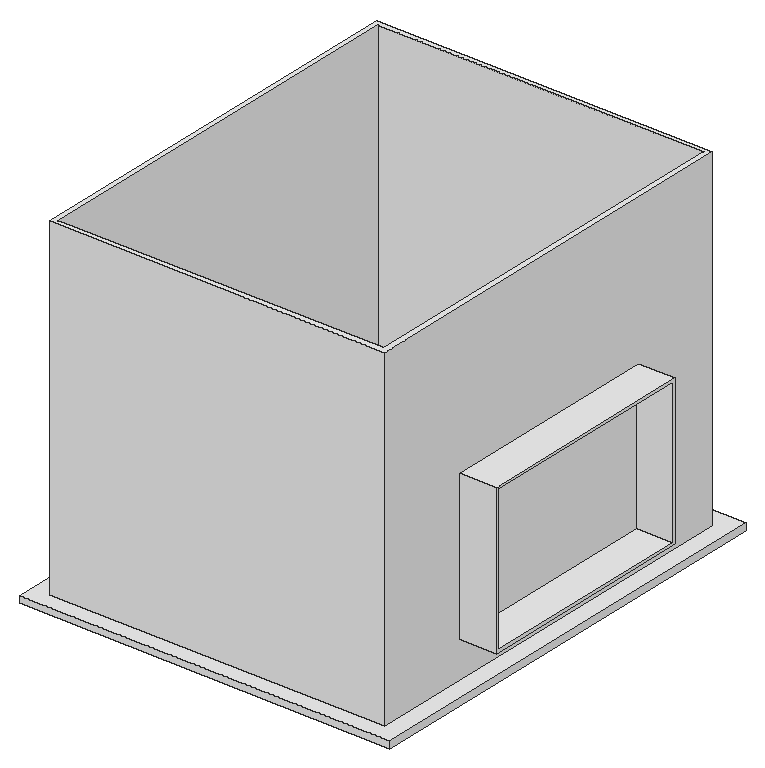
Revit family "Ceiling-Fan_VCDD-150C_Carnes", category Mechanical Equipment, host Ceiling, Revit 2012
Parameters
  ecoScorecard_data = ""
  ecoScorecard Product Page = "http://ecoscorecard.com/"
  Warranty URL = "http://www.carnes.com/GeneralCatalogs/termcond.pdf"
  Housing = Aluminum-Carnes-Spun-Brushed
  URL = "http://www.carnes.com/index.html"
  Specifications URL = ""
  Product Page URL = "http://www.carnes.com/ventilation/vcdd-vcdk.htm"
  Parts List URL = "http://www.carnes.com/ventilation/pdf/22005.pdf"
  Model = "VCDD 150C"  # constant formula
  Material = ""
  Manufacturer Toll Free Phone = ""
  Manufacturer Phone = "608-845-6411"  # constant formula
  Manufacturer Fax = "608-845-6470"  # constant formula
  Manufacturer Email = "mailto:carnes@carnes.com"
  Manufacturer Address = "448 S. Main St., P. O. Box 930040, Verona, WI 53593-0040"  # constant formula
  Manufacturer = "CARNES COMPANY"  # constant formula
  IOM Instructions URL = "http://www.carnes.com/ventilation/pdf/11237.pdf"
  Grill Size = "23-7/8 x 19-7/8"
  Grill Depth = 0' - 0 3/8"
  Duct Connector = "8 x 12"
  Description = "Ceiling Ventilators"  # constant formula
  Cost Info = "mailto:carnes@carnes.com"
  Catalog URL = "http://www.carnes.com/ventilation/pdf/C269-C295.pdf"
  Box Size = "22 x 18"
  Box Depth = 1' - 6"
  Assembly Code = "D3040200"
  95 CSI = "15850"  # constant formula
  04 CSI = "23 37 13"  # constant formula
Reference planes (in)
  plane 1 "Center (Front/Back)": y = 0
  plane 2 "Ceiling": z = 96
  plane 3 "Center (Left/Right)": x = 0
  plane 4: y = 11
  plane 5: x = -9
  plane 6: y = -11
  plane 7: x = 9
  plane 8: z = 95.625
  plane 9: z = 114
  plane 10: y = 11.9375
  plane 11: x = -9.9375
  plane 12: y = -11.9375
  plane 13: x = 9.9375
  plane 14: x = 8.75
Forms (in)
  Sweep 1, solid, material "Aluminum-Carnes-Spun-Brushed" <- "Housing", detail levels fine
    path origin (0, 0, 96) x (0, -1, 0) y (1, 0, 0)
      loop
        line (-10.875, 9) -> (-10.875, -9) -> (11.125, -9) -> (11.125, 9) -> (-10.875, 9)
    profile origin (9, -0.125, 96) x (1, 0, 0) y (0, 0, 1)
      loop
        line (0, 0) -> (0, 18) -> (-0.25, 18) -> (-0.25, 0) -> (0, 0)
  Sweep 2, solid, material "Aluminum-Carnes-Spun-Brushed" <- "Housing", detail levels fine
    path origin (0, 0.125, 96) x (0, -1, 0) y (1, 0, 0)
      loop
        line (-11.8125, 9.9375) -> (-11.8125, -9.9375) -> (12.0625, -9.9375) -> (12.0625, 9.9375) -> (-11.8125, 9.9375)
    profile origin (9.9375, 0, 96) x (1, 0, 0) y (0, 0, 1)
      loop
        line (0, 0) -> (-1.1875, 0) -> (-1.1875, -0.375) -> (0, -0.375) -> (0, 0)
  Extrusion 3, solid, material "Aluminum-Carnes-Spun-Brushed", detail levels fine
    sketch origin (0, 0, 96) x (0, 1, 0) y (0, 0, 1)
      loop
        circle (10.22794, -0.1875) r 0.1875
      loop
        circle (9.58088, -0.1875) r 0.1875
      loop
        circle (8.93382, -0.1875) r 0.1875
      loop
        circle (8.28676, -0.1875) r 0.1875
      loop
        circle (7.63971, -0.1875) r 0.1875
      loop
        circle (6.99265, -0.1875) r 0.1875
      loop
        circle (6.34559, -0.1875) r 0.1875
      loop
        circle (5.69853, -0.1875) r 0.1875
      loop
        circle (5.05147, -0.1875) r 0.1875
      loop
        circle (4.40441, -0.1875) r 0.1875
      loop
        circle (3.75735, -0.1875) r 0.1875
      loop
        circle (3.11029, -0.1875) r 0.1875
      loop
        circle (2.46324, -0.1875) r 0.1875
      loop
        circle (1.81618, -0.1875) r 0.1875
      loop
        circle (1.16912, -0.1875) r 0.1875
      loop
        circle (0.52206, -0.1875) r 0.1875
      loop
        circle (-10.47794, -0.1875) r 0.1875
      loop
        circle (-9.83088, -0.1875) r 0.1875
      loop
        circle (-9.18382, -0.1875) r 0.1875
      loop
        circle (-8.53676, -0.1875) r 0.1875
      loop
        circle (-7.88971, -0.1875) r 0.1875
      loop
        circle (-7.24265, -0.1875) r 0.1875
      loop
        circle (-6.59559, -0.1875) r 0.1875
      loop
        circle (-5.94853, -0.1875) r 0.1875
      loop
        circle (-5.30147, -0.1875) r 0.1875
      loop
        circle (-4.65441, -0.1875) r 0.1875
      loop
        circle (-4.00735, -0.1875) r 0.1875
      loop
        circle (-3.36029, -0.1875) r 0.1875
      loop
        circle (-2.71324, -0.1875) r 0.1875
      loop
        circle (-2.06618, -0.1875) r 0.1875
      loop
        circle (-1.41912, -0.1875) r 0.1875
      loop
        circle (-0.77206, -0.1875) r 0.1875
      loop
        circle (-0.125, -0.1875) r 0.1875
    from -8.75 to 8.75
  Sweep 4, solid, material "Aluminum-Carnes-Spun-Brushed" <- "Housing", detail levels fine
    path origin (0, 0, 93.96678) x (0, 1, 0) y (0, 0, -1)
      loop
        line (5.875, -4.03322) -> (-6.125, -4.03322) -> (-6.125, -12.03322) -> (5.875, -12.03322) -> (5.875, -4.03322)
    profile origin (0, 5.875, 102) x (0, 1, 0) y (-1, 0, 0)
      loop
        line (0, -9) -> (-0.125, -9) -> (-0.125, -11) -> (0, -11) -> (0, -9)
Lines and regions (in)
  Opening 1
    outline origin (-60, 60, 97) x (-1, 0, 0) y (0, -1, 0)
      loop
        line (-50.0625, 71.9375) -> (-69.9375, 71.9375) -> (-69.9375, 48.0625) -> (-50.0625, 48.0625) -> (-50.0625, 71.9375)
  model lines, detail levels coarse+medium
    curve 1: line (9.9375, 11.9375, 96) -> (-9.9375, 11.9375, 96)
    curve 2: line (9.9375, -11.9375, 96) -> (9.9375, -6.125, 96)
    curve 3: line (-9.9375, 11.9375, 96) -> (-9.9375, -11.9375, 96)
    curve 4: line (-9.9375, -11.9375, 96) -> (9.9375, -11.9375, 96)
    curve 5: line (11, -6.125, 96) -> (11, 5.875, 96)
    curve 6: line (11, -6.125, 96) -> (9.9375, -6.125, 96)
    curve 7: line (11, 5.875, 96) -> (9.9375, 5.875, 96)
    curve 8: line (9.9375, 5.875, 96) -> (9.9375, 11.9375, 96)
Dimensions and locks (in)
  equal spacing: host sketch curve, plane 3 "Center (Left/Right)", host sketch curve
  equal spacing: host sketch curve, plane 1 "Center (Front/Back)", host sketch curve
  host sketch curve to host sketch curve = 10' - 0"  (x2)
  equal spacing: plane 5, plane 3 "Center (Left/Right)", plane 7
  plane 5 to plane 7 = 1' - 6"
  equal spacing: plane 4, plane 1 "Center (Front/Back)", plane 6
  plane 4 to plane 6 = 1' - 10"
  "Grill Depth": plane 2 "Ceiling" to plane 8
  "Box Depth": plane 9 to plane 2 "Ceiling"
  equal spacing: plane 10, plane 1 "Center (Front/Back)", plane 12
  plane 10 to plane 12 = 1' - 11 7/8"
  equal spacing: plane 11, plane 3 "Center (Left/Right)", plane 13
  plane 11 to plane 13 = 1' - 7 7/8"
  equal spacing: Extrusion 3 sketch curve, Extrusion 3 sketch curve, Extrusion 3 sketch curve, Extrusion 3 sketch curve, Extrusion 3 sketch curve, Extrusion 3 sketch curve, Extrusion 3 sketch curve, Extrusion 3 sketch curve, Extrusion 3 sketch curve, Extrusion 3 sketch curve, Extrusion 3 sketch curve, Extrusion 3 sketch curve, Extrusion 3 sketch curve, Extrusion 3 sketch curve, Extrusion 3 sketch curve, Extrusion 3 sketch curve, Extrusion 3 sketch curve, Extrusion 3 sketch curve, Extrusion 3 sketch curve, Extrusion 3 sketch curve, Extrusion 3 sketch curve, Extrusion 3 sketch curve, Extrusion 3 sketch curve, Extrusion 3 sketch curve, Extrusion 3 sketch curve, Extrusion 3 sketch curve, Extrusion 3 sketch curve, Extrusion 3 sketch curve, Extrusion 3 sketch curve, Extrusion 3 sketch curve, Extrusion 3 sketch curve, Extrusion 3 sketch curve, Extrusion 3 sketch curve
  aligned and locked: Sweep 1 sketch curve to plane 14
  aligned and locked: Sweep 2 sketch curve to Sweep 1
  aligned and locked: Sweep 2 to Extrusion 3  (x2)
Automatic sketch dimensions
  Sweep 1 sketch curve to plane 5 = 0' - 0"
  Sweep 1 sketch curve to plane 7 = 0' - 0"
  Sweep 1 sketch curve to plane 4 = 0' - 0 1/8"
  plane 6 to Sweep 1 sketch curve = 0' - 0 1/8"
  profile plane to Sweep 1 sketch curve = 0' - 0"
  Sweep 1 sketch curve to profile plane = 0' - 0"
  Sweep 1 sketch curve to Sweep 1 sketch curve = 1' - 6"
  Sweep 2 sketch curve to plane 11 = 0' - 0"
  Sweep 2 sketch curve to plane 13 = 0' - 0"
  Sweep 2 sketch curve to plane 10 = 0' - 0"
  plane 12 to Sweep 2 sketch curve = 0' - 0"
  profile plane to Sweep 2 sketch curve = 0' - 0"
  Sweep 2 sketch curve to profile plane = 0' - 0"
  Sweep 2 sketch curve to Sweep 2 sketch curve = 0' - 0 3/8"
  Extrusion 3 sketch curve to plane 2 "Ceiling" = 0' - 0 3/16"  (x33)
  Extrusion 3 sketch curve to plane 6 = 0' - 0.52206"
  Extrusion 3 sketch curve to Extrusion 3 sketch curve = 0' - 0.64706"  (x30)
  Extrusion 3 sketch curve to plane 1 "Center (Front/Back)" = 0' - 0 1/8"
  plane 1 "Center (Front/Back)" to Extrusion 3 sketch curve = 0' - 0.52206"
  plane 2 "Ceiling" to Sweep 4 sketch curve = 0' - 2"
  Sweep 4 sketch curve to plane 6 = 0' - 4 7/8"
  Sweep 4 sketch curve to plane 4 = 0' - 5 1/8"
  Sweep 4 sketch curve to plane 9 = 0' - 8"
  profile plane to Sweep 4 sketch curve = 0' - 0"
  profile plane to Sweep 4 sketch curve = 0' - 0 1/8"
  Sweep 4 sketch curve to profile plane = 0' - 11"
  Sweep 4 sketch curve to Sweep 4 sketch curve = 0' - 2"
  plane 12 to Opening 1 sketch curve = 0' - 0"
  Opening 1 sketch curve to plane 10 = 0' - 0"
  Opening 1 sketch curve to plane 11 = 0' - 0"
  plane 13 to Opening 1 sketch curve = 0' - 0"
  curve 1 to plane 10 = 0' - 0"
  curve 1 to plane 11 = 0' - 0"
  curve 8 to plane 13 = 0' - 0"
  plane 12 to curve 4 = 0' - 0"
  plane 13 to curve 5 = 0' - 1 1/16"
  curve 6 to plane 6 = 0' - 4 7/8"
  curve 7 to plane 4 = 0' - 5 1/8"
  curve 2 to plane 13 = 0' - 0"
  radius of Extrusion 3 sketch curve = 0' - 0 3/16"  (x33)
